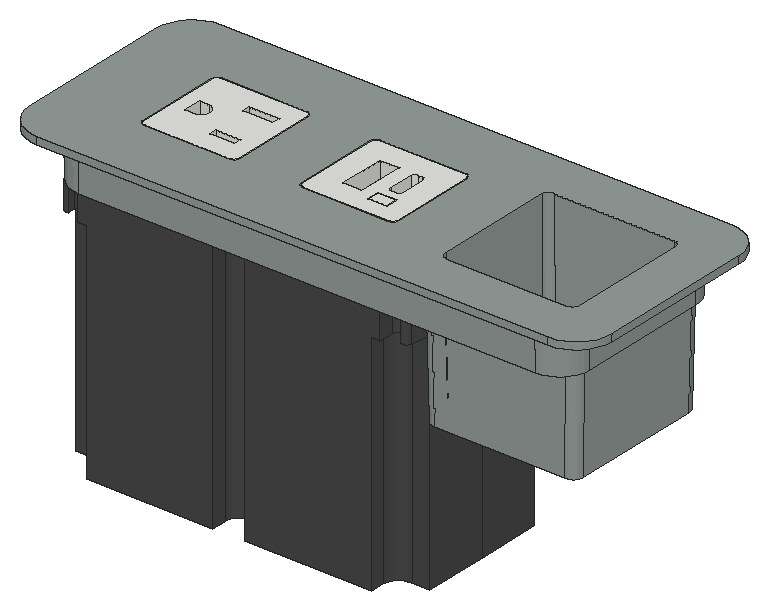
Revit family "Electrical-Teknion-MXPFP_Flush_Power_Module-R2023", category Furniture, Revit 2023 (continued)
Definition of nested family "Body 3"
  Automatic sketch dimensions
    curve 48 to curve 48 = 0.08249"
    curve 58 to curve 59 = 0.1054"
    curve 13 to curve 14 = 0.1054"
    curve 3 to curve 11 = 0.000"
    curve 2 to curve 1 = 0.00277"
    curve 47 to curve 47 = 0.00277"
    curve 18 to plane 6 "Back" = 0.15745"
    curve 2 to curve 18 = 0.09471"
    curve 61 to plane 7 "Front" = 0.15745"
    curve 47 to curve 61 = 0.09471"
    curve 57 to curve 55 = 0.00103"
    curve 12 to curve 10 = 0.00103"
    curve 59 to curve 60 = 0.34422"
    curve 60 to plane 7 "Front" = 0.51181"
    curve 60 to curve 60 = 1.08316"
    curve 15 to curve 8 = 0.16433"
    curve 60 to curve 46 = 0.16433"
    curve 8 to plane 6 "Back" = 0.16057"
    curve 1 to curve 8 = 0.0028"
    curve 53 to plane 7 "Front" = 0.16057"
    curve 46 to curve 53 = 0.0028"
    curve 53 to curve 54 = 0.17714"
    curve 8 to curve 9 = 0.17714"
    curve 42 to curve 39 = 0.00108"
    curve 83 to curve 81 = 0.0028"
    curve 39 to curve 42 = 0.00172"
    curve 54 to curve 84 = 0.16706"
    plane 3 "Center Left/Right" to curve 84 = 0.54154"
    curve 84 to curve 82 = 0.16435"
    curve 43 to curve 40 = 0.16435"
    curve 40 to curve 39 = 0.00172"
    curve 41 to plane 6 "Back" = 0.16675"
    curve 82 to plane 7 "Front" = 0.16675"
    curve 81 to curve 82 = 0.00291"
    curve 82 to curve 71 = 0.17703"
    curve 28 to curve 28 = 0.17703"
    curve 70 to plane 7 "Front" = 0.16057"
    curve 27 to plane 6 "Back" = 0.16057"
    curve 28 to curve 27 = 0.0028"
    curve 71 to curve 63 = 0.0028"
    curve 70 to curve 36 = 0.16713"
    plane 5 "Right" to curve 77 = 0.56076"
    curve 74 to plane 7 "Front" = 0.09843"
    plane 5 "Right" to curve 74 = 0.39476"
    curve 29 to plane 6 "Back" = 0.09843"
    plane 5 "Right" to curve 29 = 0.39476"
    curve 74 to plane 7 "Front" = 0.15745"
    curve 72 to curve 74 = 0.00103"
    curve 31 to plane 6 "Back" = 0.15745"
    curve 29 to curve 31 = 0.00103"
    curve 29 to curve 21 = 0.09296"
    curve 72 to curve 63 = 0.09296"
    curve 31 to curve 21 = 0.09471"
    curve 78 to curve 64 = 0.09471"
    curve 21 to curve 30 = 0.08249"
    curve 65 to curve 79 = 0.08249"
    curve 65 to curve 73 = 0.000"
    curve 22 to curve 30 = 0.000"
    curve 22 to curve 23 = 0.00132"
    curve 65 to curve 66 = 0.00132"
    curve 33 to curve 33 = 0.1054"
    curve 73 to curve 75 = 0.1054"
    curve 22 to curve 24 = 0.02465"
    curve 65 to curve 67 = 0.02465"
    plane 5 "Right" to curve 32 = 0.09843"
    plane 5 "Right" to curve 68 = 0.05131"
    plane 5 "Right" to curve 25 = 0.05131"
    plane 5 "Right" to curve 79 = 0.01271"
    plane 5 "Right" to curve 26 = 0.01271"
    curve 66 to plane 7 "Front" = 0.08352"
    curve 55 to curve 57 = 0.05903"
    curve 67 to curve 68 = 0.04348"
    curve 49 to curve 51 = 0.04348"
    curve 56 to curve 48 = 0.00147"
    curve 73 to curve 64 = 0.00147"
    curve 54 to curve 84 = 0.35124"
    curve 76 to curve 35 = 0.17716"
    curve 44 to curve 9 = 0.35124"
    curve 36 to curve 27 = 0.35124"
    curve 17 to curve 9 = 0.35124"
    curve 3 to curve 11 = 0.00147"
    curve 21 to curve 30 = 0.00147"
    curve 22 to curve 24 = 0.02112"
    curve 3 to curve 5 = 0.02112"
    curve 24 to curve 25 = 0.0108"
    curve 12 to curve 10 = 0.05903"
    curve 46 to curve 61 = 0.09468"
    curve 1 to curve 18 = 0.09468"
    curve 83 to curve 80 = 0.00108"
    curve 78 to curve 63 = 0.09468"
    curve 37 to curve 20 = 0.09468"
Definition of nested family "Receptacle - Power"
  Parameters (values of type "Receptacle - Power")
    Warranty = "http://www.teknion.com/ca/papers/legal-canada"
    Unit Weight URL = "http://www.teknion.com/ca/tools/assets#&asset=bee6a381-b954-425e-8283-5a2de3a804f2,f828d448-4b62-4231-9e5f-9a8991c0ed77"
    URL = "www.teknion.com"
    To render please download texture images found here [instance] = "https://assets.teknion.com/web/5e81352c1dfdb467/revit-material-swatches/"
    Sustainability Data = "https://www.teknion.com/ca/tools/assets#&topic=216f99a5-57a0-44fc-b10a-9dee9b29ae4c&asset=444deb64-fe58-4b68-981e-f75e97781df7,b4ff2d81-9f2e-437d-9659-7cffb09c31cf"
    Series = ""
    Receptacle Finish [instance] = none
    Product Page URL = ""
    Product Line = ""
    Product Documentation Link = ""
    Part Number = ""
    Model = ""
    Manufacturer Phone = "416-661-3370"  # constant formula
    Manufacturer Fax = "416.661.4586"  # constant formula
    Manufacturer Contact Information = "http://www.teknion.com/ca/contactus"
    Manufacturer Address = "1150 Flint Road, Toronto, ON. M3J 2J5. Canada"  # constant formula
    Manufacturer = "Teknion"  # constant formula
    How To Use Teknion Materials User Guide [instance] = "https://assets.teknion.com/m/205dd0a49fa58060/original/How-to-add-a-Material-Library-and-Texture-Images-to-your-Revit-project.pdf"
    For Additional Finishes please visit [instance] = "https://assets.teknion.com/m/44a8009b046e5d47/original/Teknion_Materials_Library.zip"
    Description = "Receptacle - Power"
    Default Elevation = 0.000"
    Assembly Code = "E2020200"
  Reference planes (in)
    plane 1 "Center Front/Back": y = 0.46413
    plane 2: z = 0
    plane 3 "Center Left/Right": x = 0.0494
    plane 4 "Left": x = -0.48209
    plane 5 "Right": x = 0.5809
    plane 6 "Back": y = 0.99563
    plane 7 "Front": y = -0.06737
    plane 8 "Top": z = 27.69492
    plane 9: z = 27.50592
  Forms (in)
    Sweep 1, solid, material <- "Receptacle Finish"
      path origin (0, 0.46413, 0) x (1, 0, 0) y (0, 0, 1)
        loop
          line (0.0494, 27.69492) -> (0.0494, 27.50592)
      profile origin (0.0494, 0.46413, 27.60042) x (0, -1, 0) y (1, 0, 0)
        loop
          line (-0.53149, 0.47244) -> (-0.53149, -0.47244)
          arc (-0.53149, -0.47244) -> (-0.5142, -0.5142) -> (-0.47244, -0.5315) r 0.05906
          line (-0.47244, -0.5315) -> (0.47244, -0.5315)
          arc (0.47244, -0.5315) -> (0.5142, -0.5142) -> (0.5315, -0.47244) r 0.05906
          line (0.5315, -0.47244) -> (0.5315, 0.47244)
          arc (0.5315, 0.47244) -> (0.5142, 0.5142) -> (0.47244, 0.5315) r 0.05906
          line (0.47244, 0.5315) -> (-0.47244, 0.5315)
          arc (-0.47244, 0.5315) -> (-0.5142, 0.5142) -> (-0.53149, 0.47244) r 0.05906
        loop
          line (-0.02756, -0.29331) -> (-0.02756, -0.20669) -> (-0.36614, -0.20669) -> (-0.36614, -0.29331) -> (-0.02756, -0.29331)
        loop
          line (-0.05905, 0.20669) -> (-0.05905, 0.29331) -> (-0.33464, 0.29331) -> (-0.33464, 0.20669) -> (-0.05905, 0.20669)
        loop
          arc (0.27166, 0.10236) -> (0.1693, 0) -> (0.27166, -0.10236) r 0.10236
          line (0.27166, -0.10236) -> (0.37402, -0.10236) -> (0.37402, 0.10236) -> (0.27166, 0.10236)
  Lines and regions (in)
    symbolic lines
      curve 1: line (0.52184, 0.99563, 0) -> (-0.42304, 0.99563, 0)
      curve 2: arc (-0.42304, 0.99563, 0) -> (-0.4648, 0.97833, 0) -> (-0.48209, 0.93657, 0) r 0.05906
      curve 3: line (-0.48209, 0.93657, 0) -> (-0.48209, -0.00831, 0)
      curve 4: arc (-0.48209, -0.00831, 0) -> (-0.4648, -0.05007, 0) -> (-0.42304, -0.06737, 0) r 0.05906
      curve 5: line (-0.42304, -0.06737, 0) -> (0.52184, -0.06737, 0)
      curve 6: arc (0.52184, -0.06737, 0) -> (0.5636, -0.05007, 0) -> (0.5809, -0.00831, 0) r 0.05906
      curve 7: line (0.5809, -0.00831, 0) -> (0.5809, 0.93657, 0)
      curve 8: arc (0.5809, 0.93657, 0) -> (0.5636, 0.97833, 0) -> (0.52184, 0.99563, 0) r 0.05906
      curve 9: line (-0.15729, 0.83027, 0) -> (-0.15729, 0.49169, 0)
      curve 10: line (-0.15729, 0.49169, 0) -> (-0.24391, 0.49169, 0)
      curve 11: line (-0.24391, 0.49169, 0) -> (-0.24391, 0.83027, 0)
      curve 12: line (-0.24391, 0.83027, 0) -> (-0.15729, 0.83027, 0)
      curve 13: line (0.25609, 0.52319, 0) -> (0.25609, 0.79878, 0)
      curve 14: line (0.25609, 0.79878, 0) -> (0.34271, 0.79878, 0)
      curve 15: line (0.34271, 0.79878, 0) -> (0.34271, 0.52319, 0)
      curve 16: line (0.34271, 0.52319, 0) -> (0.25609, 0.52319, 0)
      curve 17: line (0.15176, 0.19248, 0) -> (0.15176, 0.09012, 0)
      curve 18: line (0.15176, 0.09012, 0) -> (-0.05296, 0.09012, 0)
      curve 19: line (-0.05296, 0.09012, 0) -> (-0.05296, 0.19248, 0)
      curve 20: arc (-0.05296, 0.19248, 0) -> (0.0494, 0.29484, 0) -> (0.15176, 0.19248, 0) r 0.10236
  Dimensions and locks (in)
    plane 4 "Left" to plane 5 "Right" = 1.06299"
    plane 6 "Back" to plane 7 "Front" = 1.063"
    locked: plane 8 "Top" to level at 27.69492
    equal spacing: plane 6 "Back", plane 1 "Center Front/Back", plane 7 "Front"
    equal spacing: plane 4 "Left", plane 3 "Center Left/Right", plane 5 "Right"
    plane 8 "Top" to plane 9 = 0.189"
    aligned and locked: level to plane 2
  Automatic sketch dimensions
    Sweep 1 sketch curve to plane 3 "Center Left/Right" = 0.000"
    Sweep 1 sketch curve to plane 9 = 0.000"
    Sweep 1 sketch curve to plane 8 "Top" = 0.000"
    Sweep 1 sketch curve to profile plane = 0.000"
    Sweep 1 sketch curve to plane 1 "Center Front/Back" = 0.53149"
    Sweep 1 sketch curve to Sweep 1 sketch curve = 0.05906"  (x3)
    Sweep 1 sketch curve to Sweep 1 sketch curve = 0.1063"
    Sweep 1 sketch curve to Sweep 1 sketch curve = 0.1378"
    Sweep 1 sketch curve to plane 1 "Center Front/Back" = 0.05905"
    Sweep 1 sketch curve to plane 1 "Center Front/Back" = 0.02756"
    plane 1 "Center Front/Back" to Sweep 1 sketch curve = 0.27166"
    Sweep 1 sketch curve to Sweep 1 sketch curve = 0.10236"
    Sweep 1 sketch curve to Sweep 1 sketch curve = 0.09843"  (x2)
    profile plane to Sweep 1 sketch curve = 0.10236"
    profile plane to Sweep 1 sketch curve = 0.20669"
    Sweep 1 sketch curve to Sweep 1 sketch curve = 0.08661"  (x2)
    Sweep 1 sketch curve to Sweep 1 sketch curve = 0.37008"
    Sweep 1 sketch curve to profile plane = 0.20669"
    Sweep 1 sketch curve to Sweep 1 sketch curve = 0.17913"
    curve 3 to plane 4 "Left" = 0.000"
    plane 7 "Front" to curve 5 = 0.000"
    curve 6 to plane 5 "Right" = 0.000"
    plane 4 "Left" to curve 5 = 0.05906"
    curve 1 to plane 6 "Back" = 0.00001"
    plane 4 "Left" to curve 1 = 0.05906"
    plane 5 "Right" to curve 1 = 0.05906"
    plane 5 "Right" to curve 5 = 0.05906"
    curve 10 to plane 1 "Center Front/Back" = 0.02756"
    plane 4 "Left" to curve 10 = 0.23819"
    curve 12 to curve 12 = 0.08661"
    curve 12 to plane 6 "Back" = 0.16536"
    plane 3 "Center Left/Right" to curve 14 = 0.20669"
    curve 16 to curve 16 = 0.08661"
    curve 16 to plane 1 "Center Front/Back" = 0.05905"
    curve 15 to plane 6 "Back" = 0.19686"
    curve 20 to plane 3 "Center Left/Right" = 0.000"
    curve 19 to plane 3 "Center Left/Right" = 0.10236"
    curve 18 to plane 7 "Front" = 0.15748"
    curve 18 to curve 20 = 0.10236"
Definition of nested family "Receptacle - USB - A + C (18W)"
  Parameters (values of type "Receptacle - USB - A + C (18W)")
    Warranty = "http://www.teknion.com/ca/papers/legal-canada"
    Unit Weight URL = "http://www.teknion.com/ca/tools/assets#&asset=bee6a381-b954-425e-8283-5a2de3a804f2,f828d448-4b62-4231-9e5f-9a8991c0ed77"
    URL = "www.teknion.com"
    To render please download texture images found here [instance] = "https://assets.teknion.com/web/5e81352c1dfdb467/revit-material-swatches/"
    Sustainability Data = "https://www.teknion.com/ca/tools/assets#&topic=216f99a5-57a0-44fc-b10a-9dee9b29ae4c&asset=444deb64-fe58-4b68-981e-f75e97781df7,b4ff2d81-9f2e-437d-9659-7cffb09c31cf"
    Series = ""
    Receptacle Finish [instance] = none
    Product Page URL = ""
    Product Line = ""
    Product Documentation Link = ""
    Part Number = ""
    Model = ""
    Manufacturer Phone = "416-661-3370"  # constant formula
    Manufacturer Fax = "416.661.4586"  # constant formula
    Manufacturer Contact Information = "http://www.teknion.com/ca/contactus"
    Manufacturer Address = "1150 Flint Road, Toronto, ON. M3J 2J5. Canada"  # constant formula
    Manufacturer = "Teknion"  # constant formula
    How To Use Teknion Materials User Guide [instance] = "https://assets.teknion.com/m/205dd0a49fa58060/original/How-to-add-a-Material-Library-and-Texture-Images-to-your-Revit-project.pdf"
    For Additional Finishes please visit [instance] = "https://assets.teknion.com/m/44a8009b046e5d47/original/Teknion_Materials_Library.zip"
    Description = "Receptacle - USB - A + C (18W)"
    Default Elevation = 0.000"
    Assembly Code = "E2020200"
  Reference planes (in)
    plane 1 "Center Front/Back": y = 0.46413
    plane 2: z = 0
    plane 3 "Center Left/Right": x = 0.0494
    plane 4 "Left": x = -0.48209
    plane 5 "Right": x = 0.5809
    plane 6 "Back": y = 0.99563
    plane 7 "Front": y = -0.06737
    plane 8 "Top": z = 27.69492
    plane 9: z = 27.50592
  Forms (in)
    Sweep 1, solid, material <- "Receptacle Finish"
      path origin (0, 0.46413, 0) x (1, 0, 0) y (0, 0, 1)
        loop
          line (0.0494, 27.69492) -> (0.0494, 27.50592)
      profile origin (0.0494, 0.46413, 27.60042) x (0, -1, 0) y (1, 0, 0)
        loop
          line (-0.53149, 0.47244) -> (-0.53149, -0.47244)
          arc (-0.53149, -0.47244) -> (-0.5142, -0.5142) -> (-0.47244, -0.5315) r 0.05906
          line (-0.47244, -0.5315) -> (0.47244, -0.5315)
          arc (0.47244, -0.5315) -> (0.5142, -0.5142) -> (0.5315, -0.47244) r 0.05906
          line (0.5315, -0.47244) -> (0.5315, 0.47244)
          arc (0.5315, 0.47244) -> (0.5142, 0.5142) -> (0.47244, 0.5315) r 0.05906
          line (0.47244, 0.5315) -> (-0.47244, 0.5315)
          arc (-0.47244, 0.5315) -> (-0.5142, 0.5142) -> (-0.53149, 0.47244) r 0.05906
        loop
          arc (-0.12106, 0.13583) -> (-0.1349, 0.16923) -> (-0.1683, 0.18307) r 0.04724
          line (-0.1683, 0.18307) -> (-0.21161, 0.18307)
          arc (-0.21161, 0.18307) -> (-0.24502, 0.16923) -> (-0.25885, 0.13583) r 0.04724
          line (-0.25885, 0.13583) -> (-0.25885, -0.13583)
          arc (-0.25885, -0.13583) -> (-0.24502, -0.16923) -> (-0.21161, -0.18307) r 0.04724
          line (-0.21161, -0.18307) -> (-0.1683, -0.18307)
          arc (-0.1683, -0.18307) -> (-0.1349, -0.16923) -> (-0.12106, -0.13583) r 0.04724
          line (-0.12106, -0.13583) -> (-0.12106, 0.13583)
        loop
          line (0.04134, -0.25886) -> (0.26378, -0.25886) -> (0.26378, 0.25886) -> (0.04134, 0.25886) -> (0.04134, -0.25886)
  Lines and regions (in)
    symbolic lines
      curve 1: line (0.52184, 0.99563, 0) -> (-0.42304, 0.99563, 0)
      curve 2: arc (-0.42304, 0.99563, 0) -> (-0.4648, 0.97833, 0) -> (-0.48209, 0.93657, 0) r 0.05906
      curve 3: line (-0.48209, 0.93657, 0) -> (-0.48209, -0.00831, 0)
      curve 4: arc (-0.48209, -0.00831, 0) -> (-0.4648, -0.05007, 0) -> (-0.42304, -0.06737, 0) r 0.05906
      curve 5: line (-0.42304, -0.06737, 0) -> (0.52184, -0.06737, 0)
      curve 6: arc (0.52184, -0.06737, 0) -> (0.5636, -0.05007, 0) -> (0.5809, -0.00831, 0) r 0.05906
      curve 7: line (0.5809, -0.00831, 0) -> (0.5809, 0.93657, 0)
      curve 8: arc (0.5809, 0.93657, 0) -> (0.5636, 0.97833, 0) -> (0.52184, 0.99563, 0) r 0.05906
      curve 9: line (-0.08643, 0.72299, 0) -> (0.18523, 0.72299, 0)
      curve 10: arc (0.18523, 0.72299, 0) -> (0.21863, 0.70915, 0) -> (0.23247, 0.67575, 0) r 0.04724
      curve 11: line (0.23247, 0.67575, 0) -> (0.23247, 0.63244, 0)
      curve 12: arc (0.23247, 0.63244, 0) -> (0.21863, 0.59903, 0) -> (0.18523, 0.58519, 0) r 0.04724
      curve 13: line (0.18523, 0.58519, 0) -> (-0.08643, 0.58519, 0)
      curve 14: arc (-0.08643, 0.58519, 0) -> (-0.11983, 0.59903, 0) -> (-0.13367, 0.63244, 0) r 0.04724
      curve 15: line (-0.13367, 0.63244, 0) -> (-0.13367, 0.67575, 0)
      curve 16: arc (-0.13367, 0.67575, 0) -> (-0.11983, 0.70915, 0) -> (-0.08643, 0.72299, 0) r 0.04724
      curve 17: line (-0.20946, 0.42279, 0) -> (0.30826, 0.42279, 0)
      curve 18: line (0.30826, 0.42279, 0) -> (0.30826, 0.20035, 0)
      curve 19: line (0.30826, 0.20035, 0) -> (-0.20946, 0.20035, 0)
      curve 20: line (-0.20946, 0.20035, 0) -> (-0.20946, 0.42279, 0)
  Dimensions and locks (in)
    plane 4 "Left" to plane 5 "Right" = 1.06299"
    plane 6 "Back" to plane 7 "Front" = 1.063"
    locked: plane 8 "Top" to level at 27.69492
    equal spacing: plane 6 "Back", plane 1 "Center Front/Back", plane 7 "Front"
    equal spacing: plane 4 "Left", plane 3 "Center Left/Right", plane 5 "Right"
    plane 8 "Top" to plane 9 = 0.189"
    aligned and locked: level to plane 2
  Automatic sketch dimensions
    Sweep 1 sketch curve to plane 3 "Center Left/Right" = 0.000"
    Sweep 1 sketch curve to plane 9 = 0.000"
    Sweep 1 sketch curve to plane 8 "Top" = 0.000"
    curve 3 to plane 4 "Left" = 0.000"
    plane 7 "Front" to curve 5 = 0.000"
    curve 6 to plane 5 "Right" = 0.000"
    plane 4 "Left" to curve 5 = 0.05906"
    curve 1 to plane 6 "Back" = 0.00001"
    plane 4 "Left" to curve 1 = 0.05906"
    plane 5 "Right" to curve 1 = 0.05906"
    plane 5 "Right" to curve 5 = 0.05906"
    Sweep 1 sketch curve to plane 1 "Center Front/Back" = 0.53149"
    Sweep 1 sketch curve to Sweep 1 sketch curve = 0.05906"  (x3)
    Sweep 1 sketch curve to profile plane = 0.13583"
    Sweep 1 sketch curve to plane 1 "Center Front/Back" = 0.25885"
    Sweep 1 sketch curve to Sweep 1 sketch curve = 0.04724"  (x3)
    Sweep 1 sketch curve to Sweep 1 sketch curve = 0.04331"  (x2)
    plane 1 "Center Front/Back" to Sweep 1 sketch curve = 0.04134"
    Sweep 1 sketch curve to Sweep 1 sketch curve = 0.22244"
    Sweep 1 sketch curve to Sweep 1 sketch curve = 0.20866"  (x2)
    profile plane to Sweep 1 sketch curve = 0.13583"
    Sweep 1 sketch curve to Sweep 1 sketch curve = 0.12303"  (x2)
    Sweep 1 sketch curve to Sweep 1 sketch curve = 0.21358"  (x2)
    curve 15 to plane 3 "Center Left/Right" = 0.18307"
    curve 15 to curve 9 = 0.04724"
    curve 14 to curve 16 = 0.000"
    plane 3 "Center Left/Right" to curve 13 = 0.13583"
    curve 9 to curve 12 = 0.000"
    curve 10 to curve 11 = 0.04724"
    curve 13 to plane 1 "Center Front/Back" = 0.12106"
    curve 15 to curve 15 = 0.04331"
    plane 1 "Center Front/Back" to curve 20 = 0.04134"
    curve 20 to curve 13 = 0.12303"
    curve 12 to curve 17 = 0.12303"
    curve 18 to curve 17 = 0.22244"
Definition of nested family "Receptacle - USB - A + C (65W)"
  Parameters (values of type "Receptacle - USB - A + C (65W)")
    Warranty = "http://www.teknion.com/ca/papers/legal-canada"
    Unit Weight URL = "http://www.teknion.com/ca/tools/assets#&asset=bee6a381-b954-425e-8283-5a2de3a804f2,f828d448-4b62-4231-9e5f-9a8991c0ed77"
    URL = "www.teknion.com"
    To render please download texture images found here [instance] = "https://assets.teknion.com/web/5e81352c1dfdb467/revit-material-swatches/"
    Sustainability Data = "https://www.teknion.com/ca/tools/assets#&topic=216f99a5-57a0-44fc-b10a-9dee9b29ae4c&asset=444deb64-fe58-4b68-981e-f75e97781df7,b4ff2d81-9f2e-437d-9659-7cffb09c31cf"
    Series = ""
    Receptacle Finish [instance] = none
    Product Page URL = ""
    Product Line = ""
    Product Documentation Link = ""
    Part Number = ""
    Model = ""
    Manufacturer Phone = "416-661-3370"  # constant formula
    Manufacturer Fax = "416.661.4586"  # constant formula
    Manufacturer Contact Information = "http://www.teknion.com/ca/contactus"
    Manufacturer Address = "1150 Flint Road, Toronto, ON. M3J 2J5. Canada"  # constant formula
    Manufacturer = "Teknion"  # constant formula
    How To Use Teknion Materials User Guide [instance] = "https://assets.teknion.com/m/205dd0a49fa58060/original/How-to-add-a-Material-Library-and-Texture-Images-to-your-Revit-project.pdf"
    For Additional Finishes please visit [instance] = "https://assets.teknion.com/m/44a8009b046e5d47/original/Teknion_Materials_Library.zip"
    Description = "Receptacle - USB - A + C (65W)"
    Default Elevation = 0.000"
    Assembly Code = "E2020200"
  Reference planes (in)
    plane 1 "Center Front/Back": y = 0.46413
    plane 2: z = 0
    plane 3 "Center Left/Right": x = 0.0494
    plane 4 "Left": x = -0.48209
    plane 5 "Right": x = 0.5809
    plane 6 "Back": y = 0.99563
    plane 7 "Front": y = -0.06737
    plane 8 "Top": z = 27.69492
    plane 9: z = 27.50592
  Forms (in)
    Sweep 1, solid, material <- "Receptacle Finish"
      path origin (0, 0.46413, 0) x (1, 0, 0) y (0, 0, 1)
        loop
          line (0.0494, 27.69492) -> (0.0494, 27.50592)
      profile origin (0.0494, 0.46413, 27.60042) x (0, -1, 0) y (1, 0, 0)
        loop
          line (-0.53149, 0.47244) -> (-0.53149, -0.47244)
          arc (-0.53149, -0.47244) -> (-0.5142, -0.5142) -> (-0.47244, -0.5315) r 0.05906
          line (-0.47244, -0.5315) -> (0.47244, -0.5315)
          arc (0.47244, -0.5315) -> (0.5142, -0.5142) -> (0.5315, -0.47244) r 0.05906
          line (0.5315, -0.47244) -> (0.5315, 0.47244)
          arc (0.5315, 0.47244) -> (0.5142, 0.5142) -> (0.47244, 0.5315) r 0.05906
          line (0.47244, 0.5315) -> (-0.47244, 0.5315)
          arc (-0.47244, 0.5315) -> (-0.5142, 0.5142) -> (-0.53149, 0.47244) r 0.05906
        loop
          line (-0.25866, -0.26132) -> (0.25906, -0.26132) -> (0.25906, -0.03888) -> (-0.25866, -0.03888) -> (-0.25866, -0.26132)
        loop
          line (0.06024, 0.26132) -> (-0.21141, 0.26132)
          arc (-0.21141, 0.26132) -> (-0.24482, 0.24748) -> (-0.25866, 0.21407) r 0.04724
          line (-0.25866, 0.21407) -> (-0.25866, 0.17077)
          arc (-0.25866, 0.17077) -> (-0.24482, 0.13736) -> (-0.21141, 0.12352) r 0.04724
          line (-0.21141, 0.12352) -> (0.06024, 0.12352)
          arc (0.06024, 0.12352) -> (0.09365, 0.13736) -> (0.10748, 0.17077) r 0.04724
          line (0.10748, 0.17077) -> (0.10748, 0.21407)
          arc (0.10748, 0.21407) -> (0.09365, 0.24748) -> (0.06024, 0.26132) r 0.04724
    Sweep 2, void
      path origin (0, 0.46413, 0) x (1, 0, 0) y (0, 0, 1)
        loop
          line (0.0494, 27.68292) -> (0.0494, 27.87329)
      profile origin (0.0494, 0.46413, 27.77811) x (-1, 0, 0) y (0, -1, 0)
        loop
          line (-0.09203, 0.20394) -> (-0.09203, 0.32796) -> (-0.29281, 0.32796) -> (-0.29281, 0.20394) -> (-0.09203, 0.20394)
        loop
          line (-0.08415, 0.19607) -> (-0.08415, 0.33583) -> (-0.30069, 0.33583) -> (-0.30069, 0.19607) -> (-0.08415, 0.19607)
  Cuts and joins
    Sweep 2 cuts Sweep 1
  Lines and regions (in)
    symbolic lines
      curve 1: line (0.52184, 0.99563, 0) -> (-0.42304, 0.99563, 0)
      curve 2: arc (-0.42304, 0.99563, 0) -> (-0.4648, 0.97833, 0) -> (-0.48209, 0.93657, 0) r 0.05906
      curve 3: line (-0.48209, 0.93657, 0) -> (-0.48209, -0.00831, 0)
      curve 4: arc (-0.48209, -0.00831, 0) -> (-0.4648, -0.05007, 0) -> (-0.42304, -0.06737, 0) r 0.05906
      curve 5: line (-0.42304, -0.06737, 0) -> (0.52184, -0.06737, 0)
      curve 6: arc (0.52184, -0.06737, 0) -> (0.5636, -0.05007, 0) -> (0.5809, -0.00831, 0) r 0.05906
      curve 7: line (0.5809, -0.00831, 0) -> (0.5809, 0.93657, 0)
      curve 8: arc (0.5809, 0.93657, 0) -> (0.5636, 0.97833, 0) -> (0.52184, 0.99563, 0) r 0.05906
      curve 9: line (-0.21192, 0.20508, 0) -> (-0.21192, 0.72279, 0)
      curve 10: line (-0.21192, 0.72279, 0) -> (0.01052, 0.72279, 0)
      curve 11: line (0.01052, 0.72279, 0) -> (0.01052, 0.20508, 0)
      curve 12: line (0.01052, 0.20508, 0) -> (-0.21192, 0.20508, 0)
      curve 13: line (0.17293, 0.40389, 0) -> (0.17293, 0.67555, 0)
      curve 14: arc (0.17293, 0.67555, 0) -> (0.18676, 0.70895, 0) -> (0.22017, 0.72279, 0) r 0.04724
      curve 15: line (0.22017, 0.72279, 0) -> (0.26348, 0.72279, 0)
      curve 16: arc (0.26348, 0.72279, 0) -> (0.29688, 0.70895, 0) -> (0.31072, 0.67555, 0) r 0.04724
      curve 17: line (0.31072, 0.67555, 0) -> (0.31072, 0.40389, 0)
      curve 18: arc (0.31072, 0.40389, 0) -> (0.29688, 0.37049, 0) -> (0.26348, 0.35665, 0) r 0.04724
      curve 19: line (0.26348, 0.35665, 0) -> (0.22017, 0.35665, 0)
      curve 20: arc (0.22017, 0.35665, 0) -> (0.18676, 0.37049, 0) -> (0.17293, 0.40389, 0) r 0.04724
      curve 21: line (0.13356, 0.26807, 0) -> (0.35009, 0.26807, 0)
      curve 22: line (0.35009, 0.26807, 0) -> (0.35009, 0.1283, 0)
      curve 23: line (0.35009, 0.1283, 0) -> (0.13356, 0.1283, 0)
      curve 24: line (0.13356, 0.1283, 0) -> (0.13356, 0.26807, 0)
      curve 25: line (0.34222, 0.26019, 0) -> (0.14143, 0.26019, 0)
      curve 26: line (0.14143, 0.26019, 0) -> (0.14143, 0.13618, 0)
      curve 27: line (0.14143, 0.13618, 0) -> (0.34222, 0.13618, 0)
      curve 28: line (0.34222, 0.13618, 0) -> (0.34222, 0.26019, 0)
  Dimensions and locks (in)
    plane 4 "Left" to plane 5 "Right" = 1.06299"
    plane 6 "Back" to plane 7 "Front" = 1.063"
    locked: plane 8 "Top" to level at 27.69492
    equal spacing: plane 6 "Back", plane 1 "Center Front/Back", plane 7 "Front"
    equal spacing: plane 4 "Left", plane 3 "Center Left/Right", plane 5 "Right"
    plane 8 "Top" to plane 9 = 0.189"
    aligned and locked: level to plane 2
  Automatic sketch dimensions
    Sweep 1 sketch curve to plane 3 "Center Left/Right" = 0.000"
    Sweep 1 sketch curve to plane 9 = 0.000"
    Sweep 1 sketch curve to plane 8 "Top" = 0.000"
    curve 3 to plane 4 "Left" = 0.000"
    plane 7 "Front" to curve 5 = 0.000"
    curve 6 to plane 5 "Right" = 0.000"
    plane 4 "Left" to curve 5 = 0.05906"
    curve 1 to plane 6 "Back" = 0.00001"
    plane 4 "Left" to curve 1 = 0.05906"
    plane 5 "Right" to curve 1 = 0.05906"
    plane 5 "Right" to curve 5 = 0.05906"
    Sweep 1 sketch curve to plane 1 "Center Front/Back" = 0.53149"
    Sweep 1 sketch curve to Sweep 1 sketch curve = 0.05906"  (x3)
    Sweep 1 sketch curve to plane 1 "Center Front/Back" = 0.25866"
    profile plane to Sweep 1 sketch curve = 0.03888"
    Sweep 1 sketch curve to Sweep 1 sketch curve = 0.000"  (x3)
    Sweep 1 sketch curve to Sweep 1 sketch curve = 0.04724"  (x2)
    plane 1 "Center Front/Back" to Sweep 1 sketch curve = 0.06024"
    plane 1 "Center Front/Back" to Sweep 1 sketch curve = 0.25906"
    plane 1 "Center Front/Back" to Sweep 1 sketch curve = 0.47244"
    Sweep 1 sketch curve to Sweep 1 sketch curve = 0.21339"
    Sweep 1 sketch curve to Sweep 1 sketch curve = 0.22244"
    Sweep 1 sketch curve to Sweep 1 sketch curve = 0.21112"
    Sweep 1 sketch curve to profile plane = 0.12352"
    Sweep 1 sketch curve to Sweep 1 sketch curve = 0.04331"
    Sweep 1 sketch curve to profile plane = 0.47244"
    Sweep 2 sketch curve to plane 3 "Center Left/Right" = 0.000"
    Sweep 2 sketch curve to plane 8 "Top" = 0.012"
    plane 8 "Top" to Sweep 2 sketch curve = 0.17837"
    profile plane to Sweep 2 sketch curve = 0.30069"
    Sweep 2 sketch curve to Sweep 2 sketch curve = 0.00787"  (x4)
    Sweep 2 sketch curve to Sweep 2 sketch curve = 0.20079"
    plane 1 "Center Front/Back" to Sweep 2 sketch curve = 0.19607"
    Sweep 2 sketch curve to Sweep 2 sketch curve = 0.12402"
    curve 12 to plane 3 "Center Left/Right" = 0.26132"
    curve 10 to plane 3 "Center Left/Right" = 0.03888"
    plane 1 "Center Front/Back" to curve 11 = 0.25906"
    curve 9 to plane 1 "Center Front/Back" = 0.25866"
    plane 3 "Center Left/Right" to curve 13 = 0.12352"
    curve 14 to curve 14 = 0.04724"
    curve 20 to curve 20 = 0.04724"
    curve 14 to curve 15 = 0.04331"
    curve 20 to curve 18 = 0.04331"
    curve 18 to curve 17 = 0.04724"
    plane 1 "Center Front/Back" to curve 19 = 0.10748"
    curve 16 to plane 1 "Center Front/Back" = 0.21141"
    plane 3 "Center Left/Right" to curve 24 = 0.08415"
    curve 23 to curve 23 = 0.21654"
    curve 23 to plane 7 "Front" = 0.19567"
    curve 21 to curve 18 = 0.08858"
    curve 21 to curve 25 = 0.00787"
    curve 27 to curve 22 = 0.00787"
    curve 22 to curve 27 = 0.00787"
    curve 28 to curve 21 = 0.00787"
Definition of nested family "Teknion_2D_Node_Family-R2016"
  Reference planes (in)
    plane 1 "Center (Front/Back)": y = 0
    plane 2: z = 0
    plane 3 "Center (Left/Right)": x = 0
  Lines and regions (in)
    detail lines, in view "Ref. Level"
      curve 1: circle (0, 0, 0) r 1.25 normal (0, 0, 1)
      curve 2: line (1.91508, -1.91508, 0) -> (-1.91508, 1.91508, 0)
      curve 3: line (-1.91508, -1.91508, 0) -> (1.91508, 1.91508, 0)
Types (4): name | Width | Triple - 2 - USB (65W) | Triple - 1 - Power | T - Rectangular With Pass Through | Receptacle Finish | R - Rectangular | Model | MR - T + AJ | MR - R + AH | MR - C + AH | Faceplate Finish | Faceplate - R + AH | Electrical Cut Out | Dual - 2 - USB (65W) | Dual - 2 - Power | Dual - 1 - Power | Description | Depth | Configuration | C - Circular | Body 2 - T | Body 2 - C & 2R | AS - 2 Power | AJ - Triple | AJ - 1 Power/ 1 USB - A+C (65W) | AH - Dual | 2D - T | 2D - AH
  (no name) | 6.496" | yes | yes | yes | Plastic - Teknion - 8D - Atrium White | no | "MXPFP_TAJ__" | yes | no | no | Paint - Teknion - Accent - Blue Sage | no | "Only triple cut out available for rectangular with pass through faceplate." | no | no | no | "Flush Power Module, Standard Plug-In, Rectangular With Pass Through Faceplate Style, Triple Electrical Cut Out" | 2.559" | "Select one option only for configuration. Only AJ, AM & AS available for rectangular with pass through faceplate." | no | yes | no | no | yes | yes | no | yes | no
  Circular Faceplate | 4.724" | no | no | no | Plastic - Teknion - YY - Ebony | no | "MXPFP_CAH__" | no | no | yes | Paint - Teknion - Mica - Anthracite | no | "Only dual cut out available for circular faceplate." | yes | no | yes | "Flush Power Module, Standard Plug-In, Circular Faceplate Style, Dual Electrical Cut Out" | 4.724" | "Select one option only for configuration. Only AJ, AM & AS available for circular faceplate." | yes | no | yes | no | no | yes | yes | no | yes
  Rectangular With Pass Through Faceplate | 6.496" | yes | yes | yes | Plastic - Teknion - 8D - Atrium White | no | "MXPFP_TAJ__" | yes | no | no | Paint - Teknion - Accent - Blue Sage | no | "Only triple cut out available for rectangular with pass through faceplate." | no | no | no | "Flush Power Module, Standard Plug-In, Rectangular With Pass Through Faceplate Style, Triple Electrical Cut Out" | 2.559" | "Select one option only for configuration. Only AJ, AM & AS available for rectangular with pass through faceplate." | no | yes | no | no | yes | yes | no | yes | no
  Rectangular Faceplate | 4.724" | no | no | no | Plastic - Teknion - 8D - Atrium White | yes | "MXPFP_R___" | no | yes | no | Paint - Teknion - Foundation - Crisp Grey | yes | "Select one option for electrical cut out." | no | yes | yes | "Flush Power Module, Standard Plug-In, Rectangular Faceplate Style" | 2.559" | "Select one option only for configuration. AJ, AM & AS available for dual electrical cut out. AZ, BA, BJ available for triple electrical cut out." | no | no | yes | yes | no | no | yes | no | yes
